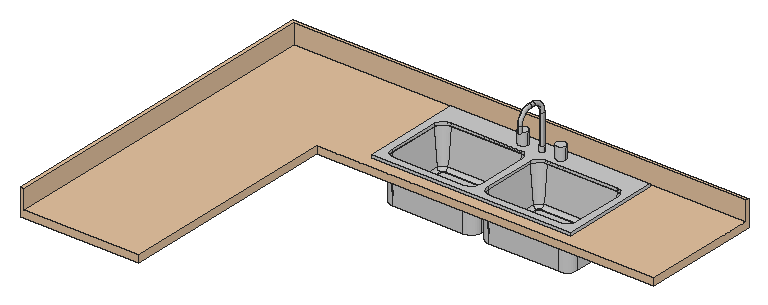
Revit family "9bb8d7d8acff47d3942068b1bd33e4b2", category Casework, Revit 2021
Family settings
  OmniClass Number = 23.40.35.17.47.11
  OmniClass Title = Kitchen Casework
  Seek Item ID = Counter Top-L Shaped w Sink-0000-USA-ENU
  Work Plane-Based = No
  Always vertical = Yes
  Cut with Voids When Loaded = No
  Shared = Yes
  Room Calculation Point = No
Parameters (values of type "24" Depth")
  Default Elevation = 0' - 0"
  Assembly Code = "C1030400"
  Counter Thickness = 0' - 1 1/2"
  Counter Top Material = none
  Depth = 2' - 1"
  Height = 3' - 0"
  Length - Leg 1 [instance] = 8' - 0"
  Length - Leg 2 [instance] = 6' - 0"
  Sink Location [instance] = 3' - 0"
  Sink Location To Wall [instance] = 0' - 6"
  Sink Opening Depth [instance] = 1' - 3"
  Sink Opening Width [instance] = 3' - 3"
Reference planes (in)
  plane 1 "Back": y = 0
  plane 2: z = 0
  plane 3 "Left": x = -47.2623
  plane 4 "Right": x = 48.7377
  plane 5 "Front": y = -25
  plane 6 "Top": z = 36
  plane 7 "Top Of Cabinet": z = 34.5
  plane 8: y = -0.75
  plane 9: z = 40
  plane 10: x = -22.2623
  plane 11: y = -72
  plane 12: x = -46.5123
  plane 13: x = -11.2623
  plane 14: x = 27.7377
  plane 15: y = -6
  plane 16: y = -21
Forms (in)
  Extrusion 1, solid, material <- "Counter Top Material"
    sketch origin (0, 0, 0) x (1, 0, 0) y (0, 1, 0)
      loop
        line (-47.2623, 0) -> (-47.2623, -72) -> (-22.2623, -72) -> (-22.2623, -25) -> (48.7377, -25) -> (48.7377, 0) -> (-47.2623, 0)
      loop
        arc (-9.2623, -6) -> (-10.67651, -6.58579) -> (-11.2623, -8) r 2
        line (-11.2623, -8) -> (-11.2623, -19)
        arc (-11.2623, -19) -> (-10.67651, -20.41421) -> (-9.2623, -21) r 2
        line (-9.2623, -21) -> (25.7377, -21)
        arc (25.7377, -21) -> (27.15192, -20.41421) -> (27.7377, -19) r 2
        line (27.7377, -19) -> (27.7377, -8)
        arc (27.7377, -8) -> (27.15192, -6.58579) -> (25.7377, -6) r 2
        line (25.7377, -6) -> (-9.2623, -6)
    from 34.5 to 36
  Extrusion 2, solid, material <- "Counter Top Material"
    sketch origin (0, 0, 0) x (1, 0, 0) y (0, 1, 0)
      loop
        line (48.7377, 0) -> (-47.2623, 0) -> (-47.2623, -0.75) -> (48.7377, -0.75) -> (48.7377, 0)
    from 36 to 40
  Extrusion 3, solid, material <- "Counter Top Material"
    sketch origin (0, 0, 0) x (1, 0, 0) y (0, 1, 0)
      loop
        line (-47.2623, -0.75) -> (-47.2623, -72) -> (-46.5123, -72) -> (-46.5123, -0.75) -> (-47.2623, -0.75)
    from 36 to 40
Cuts and joins
  joined: Extrusion 1, Extrusion 2, Extrusion 3
Lines and regions (in)
  Masking region 1
    outline origin (0, 0, 34.5) x (0, -1, 0) y (1, 0, 0)
      loop
        line (0, -47.2623) -> (72, -47.2623) -> (72, -22.2623) -> (25, -22.2623) -> (25, 48.7377) -> (0, 48.7377) -> (0, -47.2623)
  symbolic lines, style "Counter Top"
    curve 1: line (-46.5123, -0.75, 34.5) -> (48.7377, -0.75, 34.5)
    curve 2: line (-46.5123, -72, 34.5) -> (-46.5123, -0.75, 34.5)
  symbolic lines, style "Sink Opening"
    curve 3: line (25.7377, -6, 34.5) -> (-9.2623, -6, 34.5)
    curve 4: line (-9.2623, -21, 34.5) -> (25.7377, -21, 34.5)
    curve 5: line (-11.2623, -8, 34.5) -> (-11.2623, -19, 34.5)
    curve 6: line (27.7377, -19, 34.5) -> (27.7377, -8, 34.5)
    curve 7: arc (-11.2623, -8, 34.5) -> (-10.67651, -6.58579, 34.5) -> (-9.2623, -6, 34.5) r 2
    curve 8: arc (25.7377, -6, 34.5) -> (27.15192, -6.58579, 34.5) -> (27.7377, -8, 34.5) r 2
    curve 9: arc (-9.2623, -21, 34.5) -> (-10.67651, -20.41421, 34.5) -> (-11.2623, -19, 34.5) r 2
    curve 10: arc (27.7377, -19, 34.5) -> (27.15192, -20.41421, 34.5) -> (25.7377, -21, 34.5) r 2
Dimensions and locks (in)
  "Depth": plane 5 "Front" to plane 1 "Back"
  "Length - Leg 1": plane 3 "Left" to plane 4 "Right"
  "Height": level to plane 6 "Top"
  "Counter Thickness": plane 7 "Top Of Cabinet" to plane 6 "Top"
  locked: plane 8 to plane 1 "Back" at 0.75
  plane 6 "Top" to plane 9 = 0' - 4"
  "Depth": plane 3 "Left" to plane 10
  "Length - Leg 2": plane 11 to plane 1 "Back"
  locked: plane 3 "Left" to plane 12 at 0.75
  "Sink Location": plane 3 "Left" to plane 13
  "Sink Opening Width": plane 13 to plane 14
  "Sink Location To Wall": plane 15 to plane 1 "Back"
  "Sink Opening Depth": plane 15 to plane 16
  "Sink Location": plane 3 "Left" to nested 1
  "Sink Location To Wall": nested 1 to plane 1 "Back"
  aligned and locked: plane 1 "Back" to Extrusion 1 sketch curve
  aligned and locked: Extrusion 1 sketch curve to plane 5 "Front"
  aligned and locked: Extrusion 1 sketch curve to plane 3 "Left"
  aligned and locked: plane 6 "Top" to Extrusion 1
  aligned and locked: Extrusion 1 to plane 7 "Top Of Cabinet"
  aligned and locked: Extrusion 2 sketch curve to plane 1 "Back"
  aligned and locked: plane 8 to Extrusion 2 sketch curve
  aligned and locked: Extrusion 2 sketch curve to plane 4 "Right"
  aligned and locked: plane 3 "Left" to Extrusion 2 sketch curve
  aligned and locked: Extrusion 2 to plane 9
  aligned and locked: Extrusion 2 to plane 6 "Top"
  aligned and locked: plane 10 to Extrusion 1 sketch curve
  aligned and locked: plane 11 to Extrusion 1 sketch curve
  aligned and locked: plane 12 to Extrusion 3 sketch curve
  aligned and locked: Extrusion 3 to plane 8
  aligned and locked: plane 3 "Left" to Extrusion 3
  aligned and locked: Extrusion 3 to plane 9
  aligned and locked: Extrusion 3 to plane 6 "Top"
  aligned and locked: Extrusion 1 sketch curve to plane 15
  aligned and locked: Extrusion 1 sketch curve to plane 14
  aligned and locked: Extrusion 1 sketch curve to plane 16
  aligned and locked: plane 13 to Extrusion 1 sketch curve
  aligned and locked: nested 1 to plane 6 "Top"
  aligned and locked: plane 4 "Right" to Masking region 1 sketch curve
  aligned and locked: plane 1 "Back" to Masking region 1 sketch curve
  aligned and locked: Masking region 1 sketch curve to plane 3 "Left"
  aligned and locked: plane 11 to Masking region 1 sketch curve
  aligned and locked: Masking region 1 sketch curve to plane 10
  aligned and locked: plane 5 "Front" to Masking region 1 sketch curve
  aligned and locked: curve 3 to cut or joined group of Extrusion 1, Extrusion 2, Extrusion 3
  aligned and locked: curve 4 to cut or joined group of Extrusion 1, Extrusion 2, Extrusion 3
  aligned and locked: curve 7 to cut or joined group of Extrusion 1, Extrusion 2, Extrusion 3
  aligned and locked: curve 10 to cut or joined group of Extrusion 1, Extrusion 2, Extrusion 3
Automatic sketch dimensions
  plane 3 "Left" to Extrusion 3 sketch curve = 0' - 0"
  plane 11 to Extrusion 3 sketch curve = 0' - 0"
  plane 1 "Back" to Extrusion 3 sketch curve = 0' - 0 3/4"
  Extrusion 1 sketch curve to plane 4 "Right" = 0' - 0"
  plane 13 to Extrusion 1 sketch curve = 0' - 2"  (x2)
  Extrusion 1 sketch curve to Extrusion 1 sketch curve = 0' - 2"
  Extrusion 1 sketch curve to plane 14 = 0' - 2"
  curve 1 to plane 4 "Right" = 0' - 0"
  curve 2 to plane 8 = 0' - 0"
  curve 2 to plane 11 = 0' - 0"
  curve 1 to plane 3 "Left" = 0' - 0 3/4"
  curve 4 to curve 3 = 0' - 0"
  curve 5 to curve 4 = 0' - 2"
Nested families (in)
  nested 1: "Sink Kitchen-Double" at (7.62002, -12.09234, 0), type "42" x 21""
Definition of nested family "Sink Kitchen-Double"
  Parameters
    Default Elevation = 0' - 0"
    Assembly Code = "D2010410"
    Counter Height = 3' - 0"
    Depth = 1' - 9"
    Faucet Material = none
    Sink Material = none
    Width = 3' - 6"
  Reference planes (in)
    plane 1 "Center (Front/Back)": y = -1.40766
    plane 2: z = 0
    plane 3 "Center (Left/Right)": x = 0.61769
    plane 4: y = 10.59234
    plane 5: y = -10.40766
    plane 6: x = -20.38231
    plane 7: x = 21.61769
    plane 8 "Top Of Counter": z = 36
    plane 9: z = 36.5
    plane 10: z = 27.5
    plane 11: y = 6.09234
    plane 12: x = -18.88231
    plane 13: y = -8.90766
    plane 14: x = 20.11769
    plane 15: x = -3.38231
    plane 16: x = 4.61769
    plane 17: y = 8.34234
    plane 18: y = 8.34234
    plane 19: y = 8.34234
    plane 20: z = 46.375
    plane 21: y = 2.46734
    plane 22: z = 39
    plane 23: z = 37.5
    plane 24: x = -0.13231
    plane 25: x = 1.36769
    plane 26: x = -9.13231
    plane 27: x = 10.36769
    plane 28: z = 27.875
  Forms (in)
    Extrusion 1, solid, material <- "Sink Material"
      sketch origin (0, 0, 0) x (1, 0, 0) y (0, 1, 0)
        loop
          line (-20.38231, 10.59234) -> (-20.38231, -10.40766) -> (21.61769, -10.40766) -> (21.61769, 10.59234) -> (-20.38231, 10.59234)
        loop
          arc (-16.88231, 6.09234) -> (-18.29653, 5.50655) -> (-18.88231, 4.09234) r 2
          line (-18.88231, 4.09234) -> (-18.88231, -6.90766)
          arc (-18.88231, -6.90766) -> (-18.29653, -8.32187) -> (-16.88231, -8.90766) r 2
          line (-16.88231, -8.90766) -> (-2.13231, -8.90766)
          arc (-2.13231, -8.90766) -> (-0.7181, -8.32187) -> (-0.13231, -6.90766) r 2
          line (-0.13231, -6.90766) -> (-0.13231, 4.09234)
          arc (-0.13231, 4.09234) -> (-0.7181, 5.50655) -> (-2.13231, 6.09234) r 2
          line (-2.13231, 6.09234) -> (-16.88231, 6.09234)
        loop
          arc (18.11769, -8.90766) -> (19.5319, -8.32187) -> (20.11769, -6.90766) r 2
          line (20.11769, -6.90766) -> (20.11769, 4.09234)
          arc (20.11769, 4.09234) -> (19.5319, 5.50655) -> (18.11769, 6.09234) r 2
          line (18.11769, 6.09234) -> (3.36769, 6.09234)
          arc (3.36769, 6.09234) -> (1.95347, 5.50655) -> (1.36769, 4.09234) r 2
          line (1.36769, 4.09234) -> (1.36769, -6.90766)
          arc (1.36769, -6.90766) -> (1.95347, -8.32187) -> (3.36769, -8.90766) r 2
          line (3.36769, -8.90766) -> (18.11769, -8.90766)
      from 36 to 36.5
    Sweep 2, solid, material <- "Sink Material"
      path origin (0, 0, 0) x (1, 0, 0) y (0, 1, 0)
        loop
          arc (-16.88231, 6.09234) -> (-18.29653, 5.50655) -> (-18.88231, 4.09234) r 2
          line (-18.88231, 4.09234) -> (-18.88231, -6.90766)
          arc (-18.88231, -6.90766) -> (-18.29653, -8.32187) -> (-16.88231, -8.90766) r 2
          line (-16.88231, -8.90766) -> (-2.13231, -8.90766)
          arc (-2.13231, -8.90766) -> (-0.7181, -8.32187) -> (-0.13231, -6.90766) r 2
          line (-0.13231, -6.90766) -> (-0.13231, 4.09234)
          arc (-0.13231, 4.09234) -> (-0.7181, 5.50655) -> (-2.13231, 6.09234) r 2
          line (-2.13231, 6.09234) -> (-16.88231, 6.09234)
      profile origin (-9.50731, 0, 0) x (0, 1, 0) y (0, 0, 1)
        loop
          line (6.09234, 36) -> (5.44139, 28.55963)
          arc (5.44139, 28.55963) -> (5.20094, 28.07204) -> (4.69424, 27.875) r 0.75
          line (4.69424, 27.875) -> (4.59234, 27.875) -> (4.59234, 27.5) -> (6.34234, 27.5) -> (6.34234, 36) -> (6.09234, 36)
    Extrusion 3, solid, material <- "Sink Material"
      sketch origin (0, 0, 0) x (1, 0, 0) y (0, 1, 0)
        loop
          arc (-16.88231, 4.59234) -> (-17.23587, 4.44589) -> (-17.38231, 4.09234) r 0.5
          line (-17.38231, 4.09234) -> (-17.38231, -6.90766)
          arc (-17.38231, -6.90766) -> (-17.23587, -7.26121) -> (-16.88231, -7.40766) r 0.5
          line (-16.88231, -7.40766) -> (-2.13231, -7.40766)
          arc (-2.13231, -7.40766) -> (-1.77876, -7.26121) -> (-1.63231, -6.90766) r 0.5
          line (-1.63231, -6.90766) -> (-1.63231, 4.09234)
          arc (-1.63231, 4.09234) -> (-1.77876, 4.44589) -> (-2.13231, 4.59234) r 0.5
          line (-2.13231, 4.59234) -> (-16.88231, 4.59234)
        loop
          circle (-9.13231, -1.40766) r 1
      from 27.5 to 27.875
    Extrusion 4, solid, material <- "Faucet Material"
      sketch origin (0, 0, 0) x (1, 0, 0) y (0, 1, 0)
        loop
          circle (-3.38231, 8.34234) r 1
        loop
          circle (4.61769, 8.34234) r 1
      from 36.5 to 39
    Sweep 5, solid, material <- "Faucet Material"
      path origin (0.61769, 0, 0) x (0, 1, 0) y (0, 0, 1)
        loop
          line (8.34234, 36.5) -> (8.34234, 43.875)
          arc (8.34234, 43.875) -> (7.61011, 45.64277) -> (5.84234, 46.375) r 2.5
          line (5.84234, 46.375) -> (4.96734, 46.375)
          arc (4.96734, 46.375) -> (3.19957, 45.64277) -> (2.46734, 43.875) r 2.5
          line (2.46734, 43.875) -> (2.46734, 42.5)
      profile origin (0.61769, 0, 40.1875) x (0, -1, 0) y (1, 0, 0)
        loop
          circle (-8.34234, 0) r 0.375
    Extrusion 6, solid, material <- "Faucet Material"
      sketch origin (0, 0, 0) x (1, 0, 0) y (0, 1, 0)
        loop
          circle (0.61769, 8.34234) r 0.5
      from 36.5 to 37.5
    Sweep 7, solid, material <- "Sink Material"
      path origin (1.23537, 0, 0) x (-1, 0, 0) y (0, -1, 0)
        loop
          line (-16.88231, -6.09234) -> (-2.13231, -6.09234)
          arc (-2.13231, -6.09234) -> (-0.7181, -5.50655) -> (-0.13231, -4.09234) r 2
          line (-0.13231, -4.09234) -> (-0.13231, 6.90766)
          arc (-0.13231, 6.90766) -> (-0.7181, 8.32187) -> (-2.13231, 8.90766) r 2
          line (-2.13231, 8.90766) -> (-16.88231, 8.90766)
          arc (-16.88231, 8.90766) -> (-18.29653, 8.32187) -> (-18.88231, 6.90766) r 2
          line (-18.88231, 6.90766) -> (-18.88231, -4.09234)
          arc (-18.88231, -4.09234) -> (-18.29653, -5.50655) -> (-16.88231, -6.09234) r 2
      profile origin (10.74269, 0, 0) x (0, -1, 0) y (0, 0, 1)
        loop
          line (-6.09234, 36) -> (-6.34234, 36) -> (-6.34234, 27.5) -> (-4.59234, 27.5) -> (-4.59234, 27.875) -> (-4.69424, 27.875)
          arc (-4.69424, 27.875) -> (-5.20094, 28.07204) -> (-5.44139, 28.55963) r 0.75
          line (-5.44139, 28.55963) -> (-6.09234, 36)
    Extrusion 8, solid, material <- "Sink Material"
      sketch origin (0, 0, 0) x (1, 0, 0) y (0, 1, 0)
        loop
          arc (3.36769, 4.69424) -> (3.01413, 4.5478) -> (2.86769, 4.19424) r 0.5
          line (2.86769, 4.19424) -> (2.86769, -6.90766)
          arc (2.86769, -6.90766) -> (3.01413, -7.26121) -> (3.36769, -7.40766) r 0.5
          line (3.36769, -7.40766) -> (18.11769, -7.40766)
          arc (18.11769, -7.40766) -> (18.47124, -7.26121) -> (18.61769, -6.90766) r 0.5
          line (18.61769, -6.90766) -> (18.61769, 4.19424)
          arc (18.61769, 4.19424) -> (18.47124, 4.5478) -> (18.11769, 4.69424) r 0.5
          line (18.11769, 4.69424) -> (3.36769, 4.69424)
        loop
          circle (10.36769, -1.40766) r 1
      from 27.5 to 27.875
  Cuts and joins
    joined: Extrusion 1, Sweep 2, Sweep 7
    joined: Sweep 5, Extrusion 6
  Lines and regions (in)
    Masking region 1
      outline origin (0, 0, 36) x (0, -1, 0) y (1, 0, 0)
        loop
          line (-10.59234, -20.38231) -> (10.40766, -20.38231) -> (10.40766, 21.61769) -> (-10.59234, 21.61769) -> (-10.59234, -20.38231)
    symbolic lines
      curve 1: line (-18.88231, 4.09234, 36) -> (-18.88231, -6.90766, 36)
      curve 2: line (-16.88231, -8.90766, 36) -> (-2.13231, -8.90766, 36)
      curve 3: line (20.11769, -6.90766, 36) -> (20.11769, 4.09234, 36)
      curve 4: line (18.11769, 6.09234, 36) -> (3.36769, 6.09234, 36)
      curve 5: arc (20.11769, 4.09234, 36) -> (19.5319, 5.50655, 36) -> (18.11769, 6.09234, 36) r 2
      curve 6: arc (18.11769, -8.90766, 36) -> (19.5319, -8.32187, 36) -> (20.11769, -6.90766, 36) r 2
      curve 7: arc (-18.88231, -6.90766, 36) -> (-18.29653, -8.32187, 36) -> (-16.88231, -8.90766, 36) r 2
      curve 8: arc (-16.88231, 6.09234, 36) -> (-18.29653, 5.50655, 36) -> (-18.88231, 4.09234, 36) r 2
      curve 9: arc (1.11769, 8.34234, 36) -> (0.61769, 8.84234, 36) -> (0.11769, 8.34234, 36) r 0.5
      curve 10: line (0.11769, 8.34234, 36) -> (0.11769, 0.59234, 36)
      curve 11: line (1.11769, 8.34234, 36) -> (1.11769, 0.59234, 36)
      curve 12: arc (1.11769, 0.59234, 36) -> (0.61769, 0.09234, 36) -> (0.11769, 0.59234, 36) r 0.5
      curve 13: line (-0.13231, 4.09234, 36) -> (-0.13231, -6.90766, 36)
      curve 14: line (1.36769, 4.09234, 36) -> (1.36769, -6.90766, 36)
      curve 15: line (3.36769, -8.90766, 36) -> (18.11769, -8.90766, 36)
      curve 16: line (-2.13231, 6.09234, 36) -> (-16.88231, 6.09234, 36)
      curve 17: arc (3.36769, 6.09234, 36) -> (1.95347, 5.50655, 36) -> (1.36769, 4.09234, 36) r 2
      curve 18: arc (1.36769, -6.90766, 36) -> (1.95347, -8.32187, 36) -> (3.36769, -8.90766, 36) r 2
      curve 19: arc (-0.13231, -6.90766, 36) -> (-0.7181, -8.32187, 36) -> (-2.13231, -8.90766, 36) r 2
      curve 20: arc (-0.13231, 4.09234, 36) -> (-0.7181, 5.50655, 36) -> (-2.13231, 6.09234, 36) r 2
      curve 21: arc (-10.13231, -1.40766, 36) -> (-9.13231, -0.40766, 36) -> (-8.13231, -1.40766, 36) r 1
      curve 22: arc (-8.13231, -1.40766, 36) -> (-9.13231, -2.40766, 36) -> (-10.13231, -1.40766, 36) r 1
      curve 23: arc (9.36769, -1.40766, 36) -> (10.36769, -0.40766, 36) -> (11.36769, -1.40766, 36) r 1
      curve 24: arc (11.36769, -1.40766, 36) -> (10.36769, -2.40766, 36) -> (9.36769, -1.40766, 36) r 1
      curve 25: arc (-4.38231, 8.34234, 36) -> (-3.38231, 7.34234, 36) -> (-2.38231, 8.34234, 36) r 1
      curve 26: arc (-2.38231, 8.34234, 36) -> (-3.38231, 9.34234, 36) -> (-4.38231, 8.34234, 36) r 1
      curve 27: arc (3.61769, 8.34234, 36) -> (4.61769, 7.34234, 36) -> (5.61769, 8.34234, 36) r 1
      curve 28: arc (5.61769, 8.34234, 36) -> (4.61769, 9.34234, 36) -> (3.61769, 8.34234, 36) r 1
  Dimensions and locks (in)
    equal spacing: plane 6, plane 3 "Center (Left/Right)", plane 7
    "Width": plane 6 to plane 7
    "Depth": plane 5 to plane 4
    "Counter Height": plane 8 "Top Of Counter" to plane 2
    locked: plane 9 to plane 8 "Top Of Counter" at 0.5
    locked: plane 8 "Top Of Counter" to plane 10 at 8.5
    locked: plane 6 to plane 12 at 1.5
    locked: plane 14 to plane 7 at 1.5
    locked: plane 11 to plane 4 at 4.5
    locked: plane 5 to plane 13 at 1.5
    equal spacing: plane 11, plane 17, plane 4
    equal spacing: plane 11, plane 18, plane 4
    equal spacing: plane 4, plane 19, plane 11
    locked: plane 19 to plane 21 at 5.875
    locked: plane 20 to plane 9 at 9.875
    locked: plane 22 to plane 9 at 2.5
    locked: plane 23 to plane 9 at 1
    plane 24 to plane 3 "Center (Left/Right)" to plane 25 = 0' - 0 3/4" locked, 0' - 0 3/4" locked
    equal spacing: plane 12, plane 26, plane 3 "Center (Left/Right)"
    equal spacing: plane 3 "Center (Left/Right)", plane 27, plane 14
    equal spacing: plane 13, plane 1 "Center (Front/Back)", plane 11
    locked: plane 15 to plane 3 "Center (Left/Right)" at 4
    locked: plane 3 "Center (Left/Right)" to plane 16 at 4
    locked: plane 28 to plane 10 at 0.375
    aligned and locked: Extrusion 1 sketch curve to plane 5
    aligned and locked: plane 7 to Extrusion 1 sketch curve
    aligned and locked: plane 4 to Extrusion 1 sketch curve
    aligned and locked: Extrusion 1 sketch curve to plane 6
    aligned and locked: plane 8 "Top Of Counter" to Extrusion 1
    aligned and locked: Extrusion 1 to plane 9
    aligned and locked: plane 11 to Extrusion 1 sketch curve
    aligned and locked: plane 14 to Extrusion 1 sketch curve
    aligned and locked: Extrusion 1 sketch curve to plane 12
    aligned and locked: Extrusion 1 sketch curve to plane 13
    aligned and locked: plane 11 to Sweep 2 sketch curve
    aligned and locked: Sweep 2 sketch curve to plane 12
    aligned and locked: Sweep 2 sketch curve to plane 13
    aligned and locked: Sweep 2 to Extrusion 3 sketch curve  (x4)
    aligned and locked: plane 10 to Extrusion 3
    aligned and locked: Sweep 2 sketch curve to plane 10
    aligned and locked: plane 8 "Top Of Counter" to Sweep 2 sketch curve
    aligned and locked: Extrusion 4 to Extrusion 1
    aligned and locked: Extrusion 6 to Extrusion 1
    aligned and locked: Sweep 5 sketch curve to plane 19
    aligned and locked: plane 20 to Sweep 5 sketch curve
    aligned and locked: plane 21 to Sweep 5 sketch curve
    aligned and locked: Extrusion 4 to plane 22
    aligned and locked: Extrusion 6 to plane 23
    aligned and locked: Sweep 2 sketch curve to Extrusion 1
    aligned and locked: Sweep 7 sketch curve to plane 14
    aligned and locked: Sweep 7 sketch curve to Extrusion 1
    aligned and locked: Sweep 7 sketch curve to plane 11
    aligned and locked: plane 13 to Sweep 7 sketch curve
    aligned and locked: plane 10 to Extrusion 8
    aligned and locked: curve 21 to Extrusion 3
    aligned and locked: curve 23 to Extrusion 8
    aligned and locked: Extrusion 8 sketch curve to Sweep 7
    aligned and locked: Sweep 7 sketch curve to plane 8 "Top Of Counter"
    aligned and locked: plane 10 to Sweep 7 sketch curve
    aligned and locked: plane 4 to Masking region 1 sketch curve
    aligned and locked: plane 7 to Masking region 1 sketch curve
    aligned and locked: Masking region 1 sketch curve to plane 5
    aligned and locked: Masking region 1 sketch curve to plane 6
    aligned and locked: plane 15 to Extrusion 4 sketch curve
    aligned and locked: plane 17 to Extrusion 4 sketch curve  (x2)
    aligned and locked: plane 16 to Extrusion 4 sketch curve
    aligned and locked: curve 25 to Extrusion 4
    aligned and locked: curve 27 to Extrusion 4
    aligned and locked: Extrusion 3 to plane 28
    aligned and locked: Extrusion 8 to plane 28
  Automatic sketch dimensions
    Sweep 2 sketch curve to profile plane = 0' - 0"
    profile plane to Sweep 2 sketch curve = 0' - 0.65095"
    Sweep 2 sketch curve to Sweep 2 sketch curve = 0' - 0.74715"
    Sweep 2 sketch curve to Sweep 2 sketch curve = 0' - 0.10191"
    Sweep 2 sketch curve to profile plane = 0' - 0 1/4"
    Sweep 2 sketch curve to Sweep 2 sketch curve = 0' - 0 3/8"
    Sweep 2 sketch curve to Sweep 2 sketch curve = 0' - 0.68463"
    plane 15 to Extrusion 4 sketch curve = 0' - 1"
    plane 16 to Extrusion 4 sketch curve = 0' - 1"
    Sweep 5 sketch curve to plane 3 "Center (Left/Right)" = 0' - 0"
    Sweep 5 sketch curve to profile plane = 0' - 0"
    profile plane to Sweep 5 sketch curve = 0' - 0 3/8"
    Extrusion 6 sketch curve to plane 18 = 0' - 0"
    Extrusion 6 sketch curve to plane 3 "Center (Left/Right)" = 0' - 0"
    Extrusion 6 sketch curve to plane 3 "Center (Left/Right)" = 0' - 0 1/2"
    Sweep 5 sketch curve to plane 9 = 0' - 0"
    Sweep 5 sketch curve to Sweep 5 sketch curve = 0' - 2 1/2"
    plane 11 to Sweep 5 sketch curve = 0' - 0 1/4"
    Sweep 5 sketch curve to Sweep 5 sketch curve = 0' - 1 3/8"
    Extrusion 1 sketch curve to plane 13 = 0' - 0"
    Extrusion 1 sketch curve to plane 24 = 0' - 0"
    Extrusion 1 sketch curve to plane 25 = 0' - 0"
    Extrusion 1 sketch curve to plane 11 = 0' - 0"
    Extrusion 1 sketch curve to plane 12 = 0' - 2"  (x2)
    Extrusion 1 sketch curve to plane 3 "Center (Left/Right)" = 0' - 2 3/4"  (x2)
    plane 3 "Center (Left/Right)" to Extrusion 1 sketch curve = 0' - 2 3/4"  (x2)
    plane 14 to Extrusion 1 sketch curve = 0' - 2"
    Extrusion 1 sketch curve to Extrusion 1 sketch curve = 0' - 2"
    Sweep 2 sketch curve to plane 12 = 0' - 2"  (x2)
    Sweep 2 sketch curve to plane 3 "Center (Left/Right)" = 0' - 2 3/4"  (x2)
    plane 14 to Sweep 7 sketch curve = 0' - 2"  (x2)
    Sweep 7 sketch curve to Sweep 7 sketch curve = 0' - 2"
    plane 3 "Center (Left/Right)" to Sweep 7 sketch curve = 0' - 2 3/4"
    Extrusion 3 sketch curve to plane 1 "Center (Front/Back)" = 0' - 0"
    Extrusion 3 sketch curve to plane 26 = 0' - 0"
    Extrusion 3 sketch curve to Extrusion 3 sketch curve = 0' - 0 1/2"  (x4)
    plane 26 to Extrusion 3 sketch curve = 0' - 1"
    Extrusion 8 sketch curve to plane 1 "Center (Front/Back)" = 0' - 0"
    Extrusion 8 sketch curve to plane 27 = 0' - 0"
    plane 27 to Extrusion 8 sketch curve = 0' - 1"
    plane 3 "Center (Left/Right)" to Extrusion 8 sketch curve = 0' - 2 3/4"  (x2)
    Extrusion 8 sketch curve to Extrusion 8 sketch curve = 0' - 0 1/2"  (x2)
    plane 11 to Extrusion 8 sketch curve = 0' - 1.89809"
    Extrusion 8 sketch curve to plane 13 = 0' - 2"
    plane 7 to Extrusion 8 sketch curve = 0' - 3 1/2"
    Sweep 7 sketch curve to profile plane = 0' - 0"
    profile plane to Sweep 7 sketch curve = 0' - 0 1/4"
    Sweep 7 sketch curve to profile plane = 0' - 0.65095"
    Sweep 7 sketch curve to Sweep 7 sketch curve = 0' - 0.74715"
    Sweep 7 sketch curve to Sweep 7 sketch curve = 0' - 0.10191"
    Sweep 7 sketch curve to Sweep 7 sketch curve = 0' - 0.06537"
    Sweep 7 sketch curve to Sweep 7 sketch curve = 0' - 1.05963"
    curve 20 to plane 11 = 0' - 0"
    curve 17 to plane 11 = 0' - 0"
    curve 5 to plane 14 = 0' - 0"
    curve 1 to plane 12 = 0' - 0"
    curve 12 to plane 3 "Center (Left/Right)" = 0' - 0"
    curve 7 to plane 13 = 0' - 0"
    curve 18 to plane 13 = 0' - 0"
    plane 4 to curve 11 = 0' - 2 1/4"
    plane 11 to curve 5 = 0' - 2"
    plane 11 to curve 8 = 0' - 2"
    curve 13 to plane 3 "Center (Left/Right)" = 0' - 0 3/4"
    curve 14 to curve 13 = 0' - 0"
    curve 11 to plane 1 "Center (Front/Back)" = 0' - 2"
    plane 3 "Center (Left/Right)" to curve 14 = 0' - 0 3/4"
    curve 14 to plane 13 = 0' - 2"
    curve 13 to curve 14 = 0' - 0"
    curve 1 to plane 13 = 0' - 2"
    curve 6 to plane 13 = 0' - 2"
    curve 9 to plane 3 "Center (Left/Right)" = 0' - 0 1/2"
    curve 4 to curve 27 = 0' - 0 1/4"
